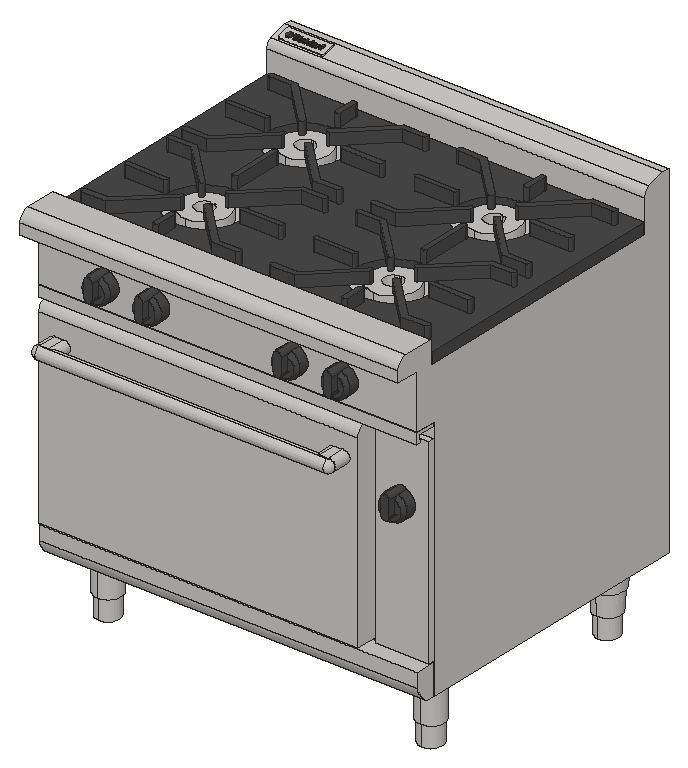
Revit family "QF_MOFFAT WALDORF_RNL8910GC", category Specialty Equipment, Revit 2012 (continued)
Automatic sketch dimensions
  Revolve 6 sketch curve to Revolve 6 sketch curve = 52.468 mm
  Revolve 6 sketch curve to Revolve 6 sketch curve = 47.532 mm
  Revolve 7 sketch curve to level = 0 mm
  Revolve 7 sketch curve to plane 10 = 82.478 mm
  Revolve 7 sketch curve to Revolve 7 sketch curve = 4.25 mm
  Revolve 7 sketch curve to Revolve 7 sketch curve = 27.5 mm  (x2)
  Revolve 7 sketch curve to level = 55 mm
  Revolve 7 sketch curve to Revolve 7 sketch curve = 50 mm
  Revolve 7 sketch curve to Revolve 7 sketch curve = 0 mm
  Revolve 7 sketch curve to Revolve 7 sketch curve = 100 mm
  plane 17 to Extrusion 8 sketch curve = 0 mm
  Extrusion 8 sketch curve to plane 16 = 64.5 mm
  Extrusion 9 sketch curve to plane 4 "RIGHT" = 0 mm
  plane 3 "LEFT" to Extrusion 9 sketch curve = 4 mm
  Extrusion 9 sketch curve to plane 17 = 39 mm
  Extrusion 9 sketch curve to Extrusion 9 sketch curve = 3 mm
  plane 12 to Extrusion 9 sketch curve = 67.472 mm  (x2)
  Extrusion 9 sketch curve to plane 5 "FRONT" = 104 mm  (x2)
  plane 4 "RIGHT" to Extrusion 9 sketch curve = 3 mm
  Extrusion 9 sketch curve to plane 9 = 54.613 mm  (x2)
  Extrusion 10 sketch curve to Extrusion 9 = 23.398 mm  (x4)
  Extrusion 10 sketch curve to Extrusion 9 = 31.601 mm  (x4)
  Extrusion 10 sketch curve to Extrusion 10 sketch curve = 6.4 mm  (x30)
  Extrusion 10 sketch curve to Extrusion 10 sketch curve = 46.204 mm  (x2)
  Extrusion 10 sketch curve to Extrusion 10 sketch curve = 60.923 mm  (x4)
  Extrusion 10 sketch curve to Extrusion 10 sketch curve = 0 mm  (x15)
  Extrusion 10 sketch curve to Extrusion 10 sketch curve = 4.525 mm  (x16)
  Extrusion 10 sketch curve to Extrusion 10 sketch curve = 20.524 mm  (x11)
  Extrusion 10 sketch curve to Extrusion 10 sketch curve = 115.699 mm  (x4)
  Extrusion 10 sketch curve to Extrusion 10 sketch curve = 53.847 mm  (x16)
  Extrusion 10 sketch curve to Extrusion 10 sketch curve = 55.923 mm  (x12)
  Extrusion 10 sketch curve to Extrusion 10 sketch curve = 30.203 mm  (x4)
  Extrusion 10 sketch curve to Extrusion 10 sketch curve = 116.204 mm  (x2)
  Extrusion 10 sketch curve to Extrusion 9 = 44.401 mm  (x4)
  Extrusion 10 sketch curve to Extrusion 9 = 40.883 mm  (x4)
  Extrusion 10 sketch curve to Extrusion 9 = 40.898 mm  (x2)
  Extrusion 10 sketch curve to Extrusion 10 sketch curve = 51.967 mm  (x11)
  Extrusion 10 sketch curve to Extrusion 10 sketch curve = 5.302 mm  (x16)
  Extrusion 10 sketch curve to Extrusion 10 sketch curve = 91.204 mm  (x6)
  Extrusion 10 sketch curve to Extrusion 10 sketch curve = 119.448 mm  (x3)
  Extrusion 10 sketch curve to Extrusion 10 sketch curve = 83.766 mm  (x3)
  Extrusion 10 sketch curve to Extrusion 10 sketch curve = 83.796 mm  (x2)
  Extrusion 10 sketch curve to Extrusion 9 = 99.152 mm  (x3)
  Extrusion 10 sketch curve to Extrusion 9 = 41.898 mm  (x2)
  Extrusion 10 sketch curve to Extrusion 9 = 41.883 mm  (x4)
  Extrusion 11 sketch curve to Extrusion 1 = 73.5 mm
  Extrusion 11 sketch curve to Extrusion 1 = 196.458 mm
  Extrusion 1 sketch curve to plane 5 "FRONT" = 0 mm
  Extrusion 1 sketch curve to plane 6 "TOP" = 0 mm
  Extrusion 1 sketch curve to plane 1 "BACK" = 0 mm
  Extrusion 1 sketch curve to plane 5 "FRONT" = 24 mm
  Extrusion 1 sketch curve to plane 5 "FRONT" = 56 mm
  Extrusion 1 sketch curve to Extrusion 1 sketch curve = 0 mm
  Extrusion 1 sketch curve to plane 5 "FRONT" = 58.27 mm
  Extrusion 1 sketch curve to Extrusion 1 sketch curve = 6.387 mm
  Extrusion 1 sketch curve to Extrusion 1 sketch curve = 8.776 mm
  Extrusion 1 sketch curve to Extrusion 1 sketch curve = 40 mm
  Extrusion 1 sketch curve to Extrusion 1 sketch curve = 43.174 mm
  Extrusion 1 sketch curve to Extrusion 1 sketch curve = 2.626 mm
  Extrusion 1 sketch curve to Extrusion 1 sketch curve = 41.683 mm
  Extrusion 1 sketch curve to Extrusion 1 sketch curve = 4.2 mm
  Extrusion 1 sketch curve to plane 6 "TOP" = 11.31 mm
  Extrusion 1 sketch curve to Extrusion 1 sketch curve = 11.291 mm
  Extrusion 1 sketch curve to plane 17 = 15.418 mm
  plane 17 to Extrusion 1 sketch curve = 15.5 mm
  plane 18 to Extrusion 1 sketch curve = 81.219 mm
  Extrusion 1 sketch curve to Extrusion 1 sketch curve = 2.216 mm
  Extrusion 1 sketch curve to Extrusion 1 sketch curve = 7.004 mm
  Extrusion 1 sketch curve to Extrusion 1 sketch curve = 16.999 mm
  level to Extrusion 1 sketch curve = 222.5 mm
  Extrusion 1 sketch curve to Extrusion 1 sketch curve = 28.982 mm
  Extrusion 1 sketch curve to Extrusion 1 sketch curve = 34.5 mm
  Extrusion 1 sketch curve to Extrusion 1 sketch curve = 0.071 mm
  Extrusion 1 sketch curve to Extrusion 1 sketch curve = 25 mm
  Extrusion 1 sketch curve to Extrusion 1 sketch curve = 19.557 mm
  Split face 1 sketch curve to Extrusion 1 = 9.099 mm
  Split face 2 sketch curve to Extrusion 1 = 9.099 mm
  Split face 3 sketch curve to Extrusion 1 = 9.099 mm
  Split face 4 sketch curve to Extrusion 1 = 9.099 mm
  Split face 5 sketch curve to Extrusion 1 = 9.099 mm
  Split face 6 sketch curve to Extrusion 1 = 9.099 mm
  Split face 7 sketch curve to Extrusion 1 = 9.099 mm
  Split face 8 sketch curve to Extrusion 1 = 9.099 mm
  Split face 9 sketch curve to Extrusion 1 = 9.099 mm
  Split face 10 sketch curve to Extrusion 1 = 9.099 mm
  Split face 11 sketch curve to Extrusion 1 = 9.099 mm
  Split face 12 sketch curve to Extrusion 1 = 9.099 mm
  Split face 13 sketch curve to Extrusion 1 = 9.099 mm
  Split face 14 sketch curve to Extrusion 1 = 9.099 mm
  Split face 15 sketch curve to Extrusion 1 = 9.099 mm
  Split face 16 sketch curve to Extrusion 1 = 9.099 mm
  Split face 17 sketch curve to Extrusion 1 = 9.099 mm
  Split face 18 sketch curve to Extrusion 1 = 9.099 mm
  Split face 19 sketch curve to Extrusion 1 = 9.099 mm
  Split face 20 sketch curve to Extrusion 1 = 9.099 mm
  Split face 21 sketch curve to Extrusion 1 = 9.099 mm
  Split face 22 sketch curve to Extrusion 1 = 9.099 mm
  Split face 23 sketch curve to Extrusion 1 = 9.099 mm
  Split face 24 sketch curve to Extrusion 1 = 9.099 mm
  Extrusion 12 sketch curve to plane 5 "FRONT" = 56 mm
  level to Extrusion 12 sketch curve = 227.5 mm
  plane 5 "FRONT" to Extrusion 12 sketch curve = 413.847 mm
  plane 1 "BACK" to curve 1 = 0 mm
  curve 1 to plane 3 "LEFT" = 0 mm
  plane 5 "FRONT" to curve 109 = 0 mm
  curve 178 to plane 7 "Center Y" = 0 mm
  plane 3 "LEFT" to curve 7 = 12.5 mm
  plane 3 "LEFT" to curve 109 = 22.65 mm
  curve 153 to plane 11 = 25.29 mm
  curve 151 to plane 8 "Center X" = 6.501 mm
  curve 151 to plane 11 = 25.29 mm
  curve 112 to plane 11 = 24.517 mm
  curve 114 to plane 13 = 1.026 mm
  curve 114 to plane 11 = 24.517 mm
  curve 155 to plane 11 = 23.064 mm
  curve 121 to plane 11 = 22.29 mm
  curve 110 to plane 11 = 11.111 mm
  curve 109 to plane 11 = 9.192 mm
  plane 14 to curve 113 = 22.108 mm
  plane 14 to curve 114 = 22.108 mm
  plane 14 to curve 152 = 22.585 mm
  plane 14 to curve 154 = 22.585 mm
  plane 17 to curve 6 = 11.042 mm
  plane 14 to curve 6 = 47.5 mm
  curve 7 to curve 10 = 8.083 mm
  plane 14 to curve 155 = 63.969 mm
  plane 14 to curve 121 = 64.743 mm
  plane 17 to curve 12 = 9.738 mm
  curve 9 to curve 12 = 20 mm
  curve 11 to curve 16 = 6.917 mm
  curve 13 to curve 15 = 20 mm
  curve 15 to curve 20 = 7 mm
  curve 155 to curve 152 = 57.507 mm
  plane 10 to curve 154 = 7.165 mm
  curve 154 to curve 152 = 0 mm
  plane 12 to curve 115 = 39.115 mm
  curve 121 to curve 115 = 57.507 mm
  curve 113 to curve 115 = 0 mm
  plane 17 to curve 20 = 9.738 mm
  curve 17 to curve 20 = 20 mm
  curve 19 to curve 24 = 7 mm
  curve 122 to plane 9 = 55.136 mm
  curve 157 to plane 9 = 54.894 mm
  curve 170 to plane 12 = 17.527 mm
  curve 170 to plane 9 = 54.778 mm
  curve 160 to plane 10 = 20.228 mm
  curve 157 to curve 160 = 0.28 mm
  curve 157 to curve 176 = 0.28 mm
  plane 12 to curve 159 = 10.472 mm
  curve 123 to curve 159 = 0.164 mm
  curve 21 to curve 22 = 20 mm
  curve 22 to curve 26 = 7 mm
  plane 10 to curve 150 = 8.415 mm
  curve 150 to plane 9 = 26.25 mm
  curve 148 to plane 9 = 26.25 mm
  curve 117 to plane 9 = 25.477 mm
  curve 119 to plane 9 = 25.477 mm
  curve 26 to curve 28 = 20 mm
  curve 28 to curve 30 = 6.917 mm
  plane 9 to curve 32 = 4.417 mm
  curve 32 to curve 34 = 7 mm
  plane 9 to curve 156 = 31.257 mm
  plane 17 to curve 37 = 9.738 mm
  curve 34 to curve 37 = 20 mm
  plane 9 to curve 120 = 32.031 mm
  curve 36 to curve 38 = 7 mm
  curve 38 to curve 40 = 20 mm
  curve 40 to curve 42 = 11.622 mm
  curve 42 to curve 117 = 3.376 mm
  curve 119 to plane 13 = 1.026 mm
  plane 9 to curve 119 = 73.415 mm
  curve 148 to plane 8 "Center X" = 6.501 mm
  curve 118 to curve 148 = 0.477 mm
  plane 9 to curve 149 = 73.892 mm
  plane 17 to curve 44 = 9.738 mm
  curve 42 to curve 44 = 20 mm
  curve 44 to curve 49 = 6.917 mm
  plane 17 to curve 48 = 9.738 mm
  curve 46 to curve 48 = 20 mm
  curve 47 to curve 50 = 7 mm
  curve 156 to plane 7 "Center Y" = 37.71 mm
  curve 120 to plane 7 "Center Y" = 36.936 mm
  curve 147 to plane 7 "Center Y" = 35.483 mm
  curve 149 to plane 7 "Center Y" = 35.483 mm
  curve 116 to plane 7 "Center Y" = 34.71 mm
  curve 118 to plane 7 "Center Y" = 34.71 mm
  plane 17 to curve 53 = 9.738 mm
  curve 50 to curve 53 = 20 mm
  curve 51 to curve 54 = 7 mm
  plane 7 "Center Y" to curve 55 = 0.956 mm
  curve 56 to curve 58 = 7 mm
  plane 17 to curve 60 = 9.738 mm
  curve 58 to curve 60 = 20 mm
  curve 140 to plane 8 "Center X" = 6.501 mm
  plane 7 "Center Y" to curve 140 = 34.71 mm
  curve 130 to plane 13 = 1.026 mm
  plane 7 "Center Y" to curve 130 = 34.71 mm
  plane 7 "Center Y" to curve 142 = 34.71 mm
  plane 7 "Center Y" to curve 128 = 34.71 mm
  curve 59 to curve 62 = 6.917 mm
  plane 7 "Center Y" to curve 132 = 36.936 mm
  plane 7 "Center Y" to curve 144 = 36.936 mm
  curve 62 to curve 63 = 20 mm
  curve 64 to curve 69 = 7 mm
  curve 66 to curve 68 = 20 mm
  curve 68 to curve 73 = 7 mm
  curve 140 to curve 141 = 61.875 mm
  curve 131 to curve 140 = 0 mm
  curve 142 to curve 143 = 61.875 mm
  curve 70 to curve 129 = 7.713 mm
  curve 70 to curve 72 = 20 mm
  curve 72 to curve 74 = 6.924 mm
  curve 74 to curve 76 = 20 mm
  plane 10 to curve 144 = 36.706 mm
  curve 144 to curve 144 = 101.033 mm
  curve 132 to curve 132 = 101.033 mm
  curve 76 to curve 78 = 6.917 mm
  plane 17 to curve 81 = 9.738 mm
  curve 78 to curve 81 = 20 mm
  curve 79 to curve 83 = 7 mm
  curve 82 to curve 83 = 20 mm
  plane 10 to curve 141 = 66.379 mm
  curve 144 to curve 141 = 57.507 mm
  plane 12 to curve 131 = 37.865 mm
  curve 132 to curve 131 = 57.507 mm
  plane 10 to curve 143 = 7.165 mm
  curve 143 to curve 141 = 0 mm
  curve 129 to curve 131 = 0 mm
  curve 83 to curve 86 = 7 mm
  plane 17 to curve 88 = 9.738 mm
  curve 86 to curve 88 = 20 mm
  curve 87 to curve 91 = 7 mm
  curve 143 to curve 173 = 29.137 mm
  curve 165 to curve 173 = 0 mm
  curve 131 to curve 162 = 29.137 mm
  curve 135 to plane 12 = 17.527 mm
  curve 162 to curve 135 = 0.164 mm
  curve 174 to curve 146 = 0.493 mm
  curve 90 to curve 134 = 1.422 mm
  curve 90 to curve 91 = 20 mm
  curve 91 to curve 95 = 6.917 mm
  curve 171 to curve 125 = 28.973 mm
  plane 10 to curve 139 = 8.415 mm
  curve 173 to curve 139 = 29.137 mm
  plane 10 to curve 137 = 65.129 mm
  curve 164 to curve 137 = 29.137 mm
  plane 12 to curve 127 = 39.115 mm
  curve 171 to curve 127 = 28.973 mm
  curve 94 to curve 96 = 20 mm
  plane 5 "FRONT" to curve 110 = 14.544 mm
  curve 110 to plane 16 = 112.642 mm
  curve 96 to curve 98 = 7 mm
  curve 110 to curve 111 = 25.191 mm
  plane 17 to curve 100 = 9.738 mm
  curve 98 to curve 100 = 20 mm
  curve 100 to curve 102 = 7 mm
  curve 127 to curve 133 = 57.507 mm
  curve 139 to curve 145 = 57.507 mm
  curve 111 to curve 167 = 12.95 mm
  plane 17 to curve 105 = 9.738 mm
  curve 102 to curve 105 = 20 mm
  curve 139 to plane 16 = 30.608 mm
  curve 125 to plane 16 = 30.608 mm
  curve 127 to plane 13 = 1.026 mm
  curve 127 to plane 16 = 30.608 mm
  curve 137 to plane 8 "Center X" = 6.501 mm
  curve 137 to plane 16 = 30.608 mm
  plane 16 to curve 133 = 27.79 mm
  plane 16 to curve 145 = 27.79 mm
  plane 16 to curve 126 = 30.017 mm
  plane 16 to curve 138 = 30.017 mm
  plane 16 to curve 124 = 30.017 mm
  plane 16 to curve 136 = 30.017 mm
  curve 166 to curve 110 = 399.303 mm
  curve 109 to curve 106 = 76.143 mm
  curve 106 to curve 107 = 3.3 mm
  curve 157 to curve 160 = 89.83 mm
  curve 146 to plane 10 = 110.058 mm
  curve 153 to plane 10 = 91.726 mm
  curve 150 to plane 10 = 91.726 mm
  curve 143 to plane 10 = 91.726 mm
  curve 139 to plane 10 = 91.726 mm
  curve 146 to curve 146 = 55 mm
  curve 157 to curve 160 = 34.83 mm
  curve 157 to curve 175 = 6.562 mm
  curve 146 to curve 173 = 6.562 mm
  curve 165 to plane 10 = 20.228 mm
  plane 10 to curve 175 = 36.504 mm
  plane 10 to curve 174 = 36.504 mm
  plane 10 to curve 145 = 36.706 mm
  plane 10 to curve 155 = 36.706 mm
  plane 10 to curve 156 = 36.706 mm
  curve 175 to curve 160 = 0.268 mm
  curve 173 to curve 164 = 0.268 mm
  curve 160 to curve 148 = 28.357 mm
  curve 152 to curve 161 = 27.393 mm
  curve 176 to curve 123 = 3.438 mm
  curve 174 to curve 135 = 3.438 mm
  plane 8 "Center X" to curve 177 = 16.501 mm
  plane 12 to curve 163 = 10.472 mm
  plane 12 to curve 119 = 37.865 mm
  curve 131 to curve 132 = 29.541 mm
  curve 115 to curve 121 = 28.291 mm
  curve 127 to curve 133 = 28.291 mm
  curve 119 to curve 120 = 29.541 mm
  curve 127 to curve 162 = 28.357 mm
  curve 115 to curve 158 = 28.357 mm
  curve 162 to curve 171 = 0 mm
  curve 158 to curve 169 = 0 mm
  curve 171 to curve 125 = 28.357 mm
  curve 169 to curve 113 = 28.357 mm
  curve 117 to curve 158 = 27.393 mm
  curve 129 to curve 162 = 27.393 mm
  curve 171 to curve 134 = 7.034 mm
  curve 169 to curve 122 = 7.034 mm
  curve 128 to plane 17 = 77.001 mm
  curve 125 to plane 17 = 77.001 mm
  curve 112 to plane 17 = 77.001 mm
  curve 117 to plane 17 = 77.001 mm
  curve 122 to curve 122 = 56.153 mm
  curve 134 to curve 134 = 56.153 mm
  curve 178 to plane 17 = 40.734 mm
  curve 108 to curve 4 = 2.734 mm
  curve 5 to plane 17 = 19.234 mm
  curve 88 to plane 17 = 18.526 mm
  curve 66 to plane 17 = 18.526 mm
  curve 64 to curve 66 = 0 mm
  curve 11 to plane 17 = 18.526 mm
  curve 87 to curve 90 = 0 mm
  curve 91 to curve 94 = 0 mm
  curve 60 to curve 62 = 0 mm
  curve 95 to curve 98 = 0 mm
  curve 56 to curve 58 = 0 mm
  curve 99 to curve 102 = 0 mm
  curve 83 to plane 17 = 18.526 mm
  curve 52 to curve 54 = 0 mm
  curve 15 to plane 17 = 18.526 mm
  curve 48 to curve 50 = 0 mm
  curve 44 to curve 46 = 0 mm
  curve 67 to curve 70 = 0 mm
  curve 80 to curve 82 = 0 mm
  curve 40 to curve 42 = 0 mm
  curve 36 to curve 38 = 0 mm
  curve 14 to curve 17 = 0 mm
  curve 32 to curve 34 = 0 mm
  curve 28 to curve 30 = 0 mm
  curve 71 to curve 74 = 0 mm
  curve 23 to curve 26 = 0 mm
  plane 17 to curve 97 = 9.738 mm
  curve 88 to curve 93 = 0 mm
  curve 80 to curve 85 = 0 mm
  plane 17 to curve 77 = 9.738 mm
  plane 17 to curve 73 = 9.738 mm
  plane 17 to curve 69 = 9.738 mm
  curve 60 to curve 65 = 0 mm
  curve 52 to curve 57 = 0 mm
  curve 36 to curve 41 = 0 mm
  plane 17 to curve 33 = 9.738 mm
  plane 17 to curve 29 = 9.738 mm
  curve 19 to curve 24 = 0 mm
  curve 11 to curve 16 = 0 mm
  plane 1 "BACK" to Extrusion 13 sketch curve = 0 mm
  Extrusion 13 sketch curve to plane 17 = 7 mm
  Extrusion 13 sketch curve to plane 16 = 140.5 mm
  Extrusion 13 sketch curve to Extrusion 13 sketch curve = 50 mm
  Extrusion 13 sketch curve to plane 16 = 10.5 mm
  Extrusion 13 sketch curve to plane 17 = 55 mm
  plane 10 to Extrusion 9 sketch curve = 36.504 mm  (x2)
  Extrusion 9 sketch curve to plane 16 = 159.887 mm  (x2)
  Extrusion 3 sketch curve to plane 5 "FRONT" = 91 mm
  plane 18 to Extrusion 3 sketch curve = 45 mm
  Revolve 14 sketch curve to plane 5 "FRONT" = 12 mm
  Revolve 14 sketch curve to Revolve 14 sketch curve = 0 mm  (x2)
  Revolve 14 sketch curve to Revolve 14 sketch curve = 11 mm
  Revolve 14 sketch curve to Revolve 14 sketch curve = 12.7 mm
  Revolve 14 sketch curve to Revolve 14 sketch curve = 23 mm
  Revolve 14 sketch curve to Revolve 14 sketch curve = 10 mm
  plane 18 to Revolve 14 sketch curve = 141.882 mm
  Revolve 14 sketch curve to Revolve 14 sketch curve = 5 mm
  Revolve 14 sketch curve to Revolve 14 sketch curve = 26.651 mm
  Revolve 14 sketch curve to Revolve 14 sketch curve = 5.849 mm
  Revolve 15 sketch curve to plane 5 "FRONT" = 12 mm
  Revolve 15 sketch curve to Revolve 15 sketch curve = 0 mm  (x2)
  Revolve 15 sketch curve to Revolve 15 sketch curve = 11 mm
  Revolve 15 sketch curve to Revolve 15 sketch curve = 12.7 mm
  Revolve 15 sketch curve to Revolve 15 sketch curve = 23 mm
  Revolve 15 sketch curve to Revolve 15 sketch curve = 10 mm
  Revolve 15 sketch curve to plane 6 "TOP" = 140.618 mm
  Revolve 15 sketch curve to Revolve 15 sketch curve = 5.849 mm
  Revolve 15 sketch curve to Revolve 15 sketch curve = 27.5 mm
  Revolve 15 sketch curve to Revolve 15 sketch curve = 5 mm
  Revolve 16 sketch curve to plane 5 "FRONT" = 12 mm
  Revolve 16 sketch curve to Revolve 16 sketch curve = 0 mm  (x2)
  Revolve 16 sketch curve to Revolve 16 sketch curve = 11 mm
  Revolve 16 sketch curve to Revolve 16 sketch curve = 12.7 mm
  Revolve 16 sketch curve to Revolve 16 sketch curve = 23 mm
  Revolve 16 sketch curve to Revolve 16 sketch curve = 10 mm
  Revolve 16 sketch curve to plane 6 "TOP" = 140.618 mm
  Revolve 16 sketch curve to Revolve 16 sketch curve = 5.849 mm
  Revolve 16 sketch curve to Revolve 16 sketch curve = 27.5 mm
  Revolve 16 sketch curve to Revolve 16 sketch curve = 5 mm
  Revolve 17 sketch curve to plane 5 "FRONT" = 12 mm
  Revolve 17 sketch curve to Revolve 17 sketch curve = 0 mm  (x2)
  Revolve 17 sketch curve to Revolve 17 sketch curve = 11 mm
  Revolve 17 sketch curve to Revolve 17 sketch curve = 12.7 mm
  Revolve 17 sketch curve to Revolve 17 sketch curve = 23 mm
  Revolve 17 sketch curve to Revolve 17 sketch curve = 10 mm
  Revolve 17 sketch curve to plane 6 "TOP" = 140.618 mm
  Revolve 17 sketch curve to Revolve 17 sketch curve = 5.849 mm
  Revolve 17 sketch curve to Revolve 17 sketch curve = 27.5 mm
  Revolve 17 sketch curve to Revolve 17 sketch curve = 5 mm
  Extrusion 18 sketch curve to plane 16 = 109.656 mm
  Extrusion 18 sketch curve to Extrusion 18 sketch curve = 10 mm
  plane 18 to Extrusion 18 sketch curve = 133.882 mm
  Extrusion 18 sketch curve to Extrusion 18 sketch curve = 35 mm
  plane 14 to Extrusion 19 sketch curve = 100.531 mm
  Extrusion 19 sketch curve to Extrusion 19 sketch curve = 10 mm
  Extrusion 19 sketch curve to plane 6 "TOP" = 146.118 mm
  Extrusion 19 sketch curve to Extrusion 19 sketch curve = 35 mm
  plane 9 to Extrusion 20 sketch curve = 15.132 mm
  plane 9 to Extrusion 20 sketch curve = 5.132 mm
  Extrusion 20 sketch curve to plane 6 "TOP" = 146.118 mm
  Extrusion 20 sketch curve to Extrusion 20 sketch curve = 35 mm
  plane 7 "Center Y" to Extrusion 21 sketch curve = 175.132 mm
  Extrusion 21 sketch curve to Extrusion 21 sketch curve = 10 mm
  Extrusion 21 sketch curve to plane 6 "TOP" = 146.118 mm
  Extrusion 21 sketch curve to Extrusion 21 sketch curve = 35 mm
  Revolve 22 sketch curve to plane 5 "FRONT" = 54.394 mm
  Revolve 22 sketch curve to Revolve 22 sketch curve = 0 mm  (x2)
  Revolve 22 sketch curve to Revolve 22 sketch curve = 11 mm
  Revolve 22 sketch curve to Revolve 22 sketch curve = 12.7 mm
  Revolve 22 sketch curve to Revolve 22 sketch curve = 23 mm
  Revolve 22 sketch curve to Revolve 22 sketch curve = 10 mm
  Revolve 22 sketch curve to plane 18 = 103.75 mm
  Revolve 22 sketch curve to Revolve 22 sketch curve = 5 mm
  Revolve 22 sketch curve to Revolve 22 sketch curve = 26.651 mm
  Revolve 22 sketch curve to Revolve 22 sketch curve = 5.849 mm
  Extrusion 23 sketch curve to plane 16 = 7.156 mm
  plane 16 to Extrusion 23 sketch curve = 2.844 mm
  Extrusion 23 sketch curve to plane 18 = 111.75 mm
  Extrusion 23 sketch curve to Extrusion 23 sketch curve = 35 mm
  Extrusion 24 sketch curve to plane 11 = 1.472 mm
  Extrusion 24 sketch curve to plane 18 = 46.875 mm  (x2)
  Extrusion 24 sketch curve to Extrusion 24 sketch curve = 15 mm  (x2)
  Extrusion 24 sketch curve to plane 16 = 130.493 mm
  Extrusion 24 sketch curve to Extrusion 24 sketch curve = 20.282 mm  (x2)
  Revolve 25 sketch curve to plane 3 "LEFT" = 6.961 mm
  plane 3 "LEFT" to Revolve 25 sketch curve = 23.246 mm
  Revolve 25 sketch curve to plane 18 = 16.875 mm
  Revolve 25 sketch curve to Revolve 25 sketch curve = 15 mm
  Revolve 25 sketch curve to plane 18 = 31.875 mm
  plane 7 "Center Y" to Revolve 25 sketch curve = 138.039 mm
  Revolve 25 sketch curve to plane 16 = 110.211 mm
  Extrusion 26 sketch curve to Extrusion 26 sketch curve = 0 mm  (x8)
  Extrusion 26 sketch curve to Extrusion 1 = 167.5 mm  (x2)
  Extrusion 26 sketch curve to Extrusion 1 = 171.5 mm  (x2)
  Extrusion 1 to Extrusion 26 sketch curve = 225.387 mm  (x4)
  curve 158 to curve 179 = 0 mm  (x2)
  curve 180 to curve 158 = 22 mm
  curve 162 to curve 181 = 0 mm  (x2)
  curve 181 to curve 181 = 22 mm
  curve 164 to curve 183 = 0 mm  (x2)
  plane 10 to curve 183 = 14.772 mm
  curve 160 to curve 185 = 0 mm  (x2)
  plane 10 to curve 185 = 14.772 mm
  radius of Extrusion 8 sketch curve = 10 mm
  radius of Extrusion 9 sketch curve = 85 mm  (x4)
  radius of Extrusion 11 sketch curve = 10 mm
  radius of Extrusion 26 sketch curve = 57 mm  (x4)
  radius of Extrusion 26 sketch curve = 22 mm  (x4)
Nested families
  nested 1: "WALDORF LOGO_FACE BASE" at (12.5, -21.836, 968.57) x (1, 0, 0) z (0, -0.2588, 0.9659), visible <- "Show Logo", type "WALDORF LOGO_FACE BASE", detail levels medium+fine
    with Show Logo yes
Connectors
  piping at (770, -32, 655)
    settings: on Extrusion 8, index 4, connector radius 0.37402", flow factor 0, pipe flow 0 GPM, pressure drop 0.00 psi, fitting loss kfactor 0, connector angle 0.00°, fixture units 0, engagement length 0 mm, flow configuration 1, flow direction 1, fitting loss method 0, system type 7, joint type 0, gender type 0, connector reference index -1, connector utility 0, adjustable connector no, is connector primary yes, fitting loss table "", connector description "GAS CONNECTION"
  electrical at (826.5, -500.272, 146), driven by "Volts", driven by "Watts"
    settings: on Extrusion 11, index 5, voltage 240 V, apparent load 130 VA, apparent load phase1 0 VA, apparent load phase2 0 VA, apparent load phase3 0 VA, power factor 1, load classification "Other", number of poles 1, system type 30, power factor state 1, is connector primary yes, connector utility no, sub classification motor no, connector description "ELECTRICAL CONNECTION"
Definition of nested family "WALDORF LOGO_FACE BASE"
  Parameters (values of type "WALDORF LOGO_FACE BASE")
    Show Logo [instance] = yes
    Default Elevation = 1219.2 mm
  Reference planes
    plane 1 "Center (Front/Back)": y = 0
    plane 2: z = 0
    plane 3 "Center (Left/Right)": x = 0
  Forms (mm)
    Extrusion 1, solid
      sketch origin (0, 0, 0) x (1, 0, 0) y (0, 1, 0)
        loop
          line (-1219.2, 1219.2) -> (-1219.2, -1219.2) -> (1219.2, -1219.2) -> (1219.2, 1219.2) -> (-1219.2, 1219.2)
      from 0 to -304.8
    Extrusion 2, solid, material "QF_Finishes_Stainless Steel", visible <- "Show Logo"
      sketch origin (0, -33.217, 0) x (1, 0, 0) y (0, 1, 0)
        loop
          arc (5, 34.14) -> (1.464, 32.676) -> (0, 29.14) r 5
          line (0, 29.14) -> (0, 5)
          arc (0, 5) -> (1.464, 1.464) -> (5, 0) r 5
          line (5, 0) -> (104, 0)
          arc (104, 0) -> (107.536, 1.464) -> (109, 5) r 5
          line (109, 5) -> (109, 29.14)
          arc (109, 29.14) -> (107.536, 32.676) -> (104, 34.14) r 5
          line (104, 34.14) -> (5, 34.14)
      from 0 to 1.588
    Extrusion 3, solid, material "QF_Finishes_Black", visible <- "Show Logo"
      sketch origin (0, -33.217, 1.588) x (1, 0, 0) y (0, 1, 0)
        loop
          line (24.772, 23.214) -> (27.992, 10.301) -> (31.551, 10.301) -> (33.443, 17.364) -> (35.205, 10.301) -> (39.332, 10.301) -> (42.077, 23.214) -> (38.352, 23.214) -> (36.676, 15.33) -> (35, 23.214) -> (31.752, 23.214) -> (30.076, 15.33) -> (28.4, 23.214) -> (24.772, 23.214)
        loop
          line (42.272, 17.055) -> (45.703, 17.055)
          spline (45.703, 17.055) -> (45.741, 17.285) -> (45.852, 17.499) -> (46.028, 17.682) -> (46.258, 17.823) -> (46.526, 17.912) -> (46.813, 17.942) -> (47.1, 17.912) -> (47.368, 17.823) -> (47.597, 17.682) -> (47.774, 17.499) -> (47.884, 17.285) -> (47.922, 17.055)
          line (47.922, 17.055) -> (47.922, 16.222)
          arc (47.922, 16.222) -> (45.742, 16.014) -> (43.665, 15.317) r 9.604
          arc (43.665, 15.317) -> (41.924, 12.809) -> (43.665, 10.301) r 2.677
          arc (43.665, 10.301) -> (45.527, 10.353) -> (47.332, 10.816) r 8.365
          line (47.332, 10.816) -> (48.092, 11.105) -> (48.092, 10.301) -> (51.817, 10.301) -> (51.817, 17.055)
          spline (51.817, 17.055) -> (51.654, 17.821) -> (51.178, 18.535) -> (50.419, 19.148) -> (49.431, 19.619) -> (48.28, 19.914) -> (47.044, 20.015) -> (45.809, 19.914) -> (44.658, 19.619) -> (43.67, 19.148) -> (42.911, 18.535) -> (42.434, 17.821) -> (42.272, 17.055)
        loop
          line (53.151, 23.214) -> (53.151, 10.301) -> (57.37, 10.301) -> (57.37, 23.214) -> (53.151, 23.214)
        loop
          line (64.874, 23.214) -> (64.874, 18.857)
          arc (64.874, 18.857) -> (58.083, 15.11) -> (64.874, 11.363) r 4.429
          line (64.874, 11.363) -> (64.874, 10.301) -> (68.378, 10.301) -> (68.378, 23.214) -> (64.874, 23.214)
        loop
          arc (64.874, 16.083) -> (61.41, 14.987) -> (64.874, 13.891) r 1.905
          line (64.874, 13.891) -> (64.874, 16.083)
        loop
          circle (74.623, 15.223) r 5
        loop
          spline (74.623, 17.856) -> (74.355, 17.766) -> (74.105, 17.503) -> (73.891, 17.084) -> (73.726, 16.539) -> (73.623, 15.904) -> (73.588, 15.223) -> (73.623, 14.541) -> (73.726, 13.906) -> (73.891, 13.361) -> (74.105, 12.942) -> (74.355, 12.679) -> (74.623, 12.59)
          spline (74.623, 12.59) -> (74.891, 12.679) -> (75.141, 12.942) -> (75.355, 13.361) -> (75.52, 13.906) -> (75.623, 14.541) -> (75.659, 15.223) -> (75.623, 15.904) -> (75.52, 16.539) -> (75.355, 17.084) -> (75.141, 17.503) -> (74.891, 17.766) -> (74.623, 17.856)
        loop
          line (81.255, 19.813) -> (81.255, 10.301) -> (84.834, 10.301) -> (84.834, 14.176)
          arc (84.834, 14.176) -> (85.854, 16.093) -> (88.013, 16.32) r 2.313
          line (88.013, 16.32) -> (88.013, 19.813) -> (87.161, 19.813)
          arc (87.161, 19.813) -> (85.526, 19.266) -> (84.549, 17.844) r 2.717
          line (84.549, 17.844) -> (84.549, 19.813) -> (81.255, 19.813)
        loop
          line (90.249, 19.813) -> (88.91, 19.813) -> (88.91, 17.614) -> (90.249, 17.614) -> (90.249, 10.301) -> (93.998, 10.301) -> (93.998, 17.614) -> (95.418, 17.614) -> (95.418, 19.813) -> (93.998, 19.813)
          arc (93.998, 19.813) -> (94.414, 20.817) -> (95.418, 21.233) r 1.42
          line (95.418, 21.233) -> (95.418, 23.602) -> (93.317, 23.602)
          arc (93.317, 23.602) -> (91.343, 22.903) -> (90.249, 21.118) r 3.137
          line (90.249, 21.118) -> (90.249, 19.813)
        loop
          arc (15.241, 23.571) -> (8.392, 16.525) -> (15.241, 9.479) r 7.049
          line (15.241, 9.479) -> (15.241, 23.571)
        loop
          line (15.641, 23.571) -> (15.641, 9.479)
          arc (15.641, 9.479) -> (22.49, 16.525) -> (15.641, 23.571) r 7.049
        loop
          arc (47.922, 14.711) -> (46.266, 13.749) -> (47.922, 12.787) r 1.107
          line (47.922, 12.787) -> (47.922, 14.711)
      from 0 to 0.2
  Dimensions and locks
    aligned and locked: plane 2 to Extrusion 1
    aligned and locked: level to Extrusion 1
